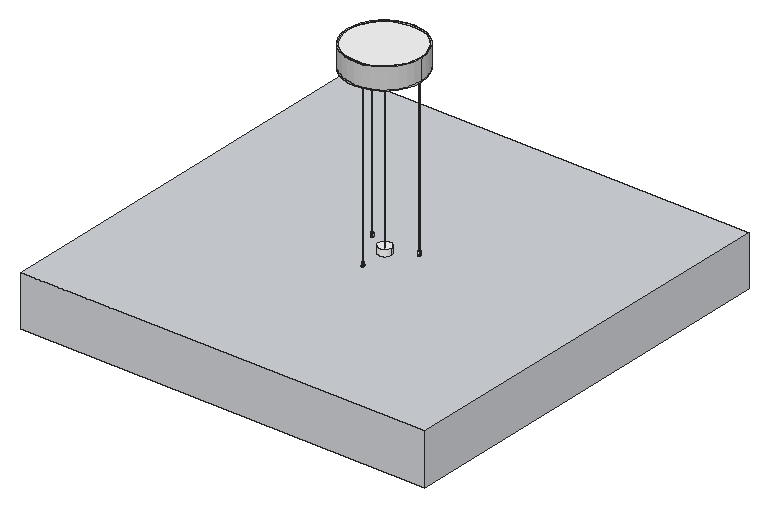
Revit family "en-halla-huge-circle-suspendedrfa", category Осветительные приборы, Revit 2017
Family settings
  Основа = Грань
  Размер круглого соединителя = Использовать диаметр
  Тип детали = Нормальный
  Номер OmniClass = 23.80.70.11.11
  Заголовок OmniClass = General Luminaries, Non Directional
  При загрузке вырезать с полостями = Нет
  Источник света = Нет
  Общий = Нет
  Точка расчета площади = Нет
Parameters
  Suspension length [instance] = 1000 mm
  Shape thickness = 7 mm  # constant formula
  Полная установленная мощность = Power input  # 84 VA
  Youtube clip = ""
  Weight Net (Kg) = "0"
  Изготовитель = "HALLA"  # constant formula
  Default Elevation = 0 mm
  Voltage = ""
  Uniclass 2.0 Description = "Luminaires And Lamps"
  Uniclass 2.0 Code = "PR-49"
  Uniclass 1.4 Description = "Luminaires and lamps"
  Uniclass 1.4 Code = "JY73"
  URL = "www.halla.cz"
  UNSPSC Code = "3911"
  Technical description = ""
  Switched on [instance] = yes
  Switched off [instance] = not(Switched on)  # no
  Source used = ""
  Source type = ""
  Shape of luminaire = ""
  Region South America = "All"
  Region Oceania = "All"
  Region North America = "All"
  Region Middle East = "All"
  Region Europe = "All"
  Region Asia = "All"
  Region Antarctica = "All"
  Region Africa = "All"
  QR code = "http://file-system.ru/catalog/zdaniya_i_sooruzheniya/interer/osveshchenie/halla_huge_circle_svetilnik_podvesnoy/"
  Accessory [instance] = HALLA accessory - wire suspension 3 wires, for cable 2000mm : Circular - 13-0004 white
  Lighting diameter = Lighting length  # 450 mm
  Diameter of diffuser = Lighting diameter - 2 * Shape thickness  # 436 mm
  Protection class = ""
  Product group = "HUGE"
  Product family = "Indoor Luminaires"
  Product data url = ""
  Product code = ""
  Product certification = ""
  Product URL = ""
  Product SKU = "huge_circle"
  Price (EUR) = 0
  Power input = 84 W
  Description = ""
  Optics type = ""
  Suspension distance from axis = Lighting diameter / 2 - 60 mm  # 165 mm
  Number of sources = 1
  Nominal width = "0.00"
  Nominal height = "129.00"
  NBS Reference Description = "Luminaires And Lamps"
  NBS Reference Code = "49"
  Material secondary = ""
  Material of luminaire = "Hliník"
  Material main = "Aluminium"
  Manufacturer name = "HALLA"
  Manufacturer country = "Czech Republic"
  Lighting width = 450 mm
  Lighting source distance [instance] = Real suspension length + Lighting height + 0.1 mm  # 1129.1 mm
  Lighting length = 450 mm
  Lighting height = 129 mm
  Lighting dimensions = ""
  LED source = yes
  Installation instructions = ""
  Installation instruction = ""
  Initial intensity = ""
  Initial colour = ""
  IP Code = ""
  IFC Classification = "Light Fixture"
  Frequency = ""
  Energy class = ""
  Electric potential = 230 V  # constant formula
  Код по классификатору = "D5020200"
  Edition number = "1"
  EAN code = ""
  EAN = ""
  Real suspension length [instance] = if(Suspension length > 2000 mm, 2000 mm, Suspension length)  # 1000 mm
  Distribution = ""
  Designer = ""
  Design country = "Czech Republic"
  Depth = "0.00"
  Date of publishing = "2014-12-14"
  Data sheet = ""
  Control gear option = ""
  Colour of luminaire = Aluminium - silver
  COBIe Type Category = ""
Reference planes
  plane 1 "Střed (vpředu/vzadu)": y = 0
  plane 2: z = 0
  plane 3 "Střed (vlevo/vpravo)": x = 0
  plane 4 "BP_Světlo spodní": z = 1000
  plane 5 "BP_Světlo horní": z = 1129
  plane 6 "BP_Zdroj světla": z = 1064.5
Forms (mm)
  Extrusion 1, solid
    sketch origin (0, 0, 0) x (1, 0, 0) y (0, 1, 0)
      loop
        line (-1219.2, 1219.2) -> (-1219.2, -1219.2) -> (1219.2, -1219.2) -> (1219.2, 1219.2) -> (-1219.2, 1219.2)
    from 0 to -304.8
  Extrusion 2, solid, material "Aluminium - silver" <- "Colour of luminaire"
    sketch origin (0, 0, 1000) x (-1, 0, 0) y (0, -1, 0)
      loop
        circle (0, 0) r 225
    from 0 to 7
  Extrusion 3, solid, material "Aluminium - silver" <- "Colour of luminaire"
    sketch origin (0, 0, 1000) x (-1, 0, 0) y (0, -1, 0)
      loop
        circle (0, 0) r 225
      loop
        circle (0, 0) r 218
    from 7 to 129 <- "Lighting height"
  Extrusion 4, solid, material "Diffuser - light switched on", visible <- "Switched off"
    sketch origin (0, 0, 1000) x (-1, 0, 0) y (0, -1, 0)
      loop
        circle (0, 0) r 218
    from 120 to 129
  Extrusion 5, solid, material "Diffuser - light switched off", visible <- "Switched on"
    sketch origin (0, 0, 1000) x (-1, 0, 0) y (0, -1, 0)
      loop
        circle (0, 0) r 218
    from 120 to 129
Cuts and joins
  joined: Extrusion 2, Extrusion 3
Dimensions and locks
  equal spacing: plane 5 "BP_Světlo horní", plane 6 "BP_Zdroj světla", plane 4 "BP_Světlo spodní"
  "Real suspension length": plane 4 "BP_Světlo spodní" to Extrusion 1
  "Lighting height": plane 5 "BP_Světlo horní" to plane 4 "BP_Světlo spodní"
  "Lighting diameter": diameter of Extrusion 2 sketch curve
  "Lighting diameter": diameter of Extrusion 3 sketch curve
  "Diameter of diffuser": diameter of Extrusion 4 sketch curve
  "Diameter of diffuser": diameter of Extrusion 5 sketch curve
  aligned and locked: plane 2 to Extrusion 1
  aligned and locked: level to Extrusion 1
Automatic sketch dimensions
  Extrusion 1 sketch curve to Extrusion 1 sketch curve = 2438.4 mm  (x2)
  plane 1 "Střed (vpředu/vzadu)" to Extrusion 2 sketch curve = 0 mm
  Extrusion 2 sketch curve to plane 3 "Střed (vlevo/vpravo)" = 0 mm
  Extrusion 3 sketch curve to Extrusion 3 sketch curve = 0 mm  (x2)
  plane 1 "Střed (vpředu/vzadu)" to Extrusion 3 sketch curve = 0 mm
  Extrusion 3 sketch curve to plane 3 "Střed (vlevo/vpravo)" = 0 mm
  Extrusion 3 sketch curve to Extrusion 3 sketch curve = 7 mm
  plane 1 "Střed (vpředu/vzadu)" to Extrusion 4 sketch curve = 0 mm
  Extrusion 4 sketch curve to plane 3 "Střed (vlevo/vpravo)" = 0 mm
  plane 1 "Střed (vpředu/vzadu)" to Extrusion 5 sketch curve = 0 mm
  Extrusion 5 sketch curve to plane 3 "Střed (vlevo/vpravo)" = 0 mm
Nested families
  nested 1: "HUGE - source" at (0, 0, 1129.1), built-in parameter 1001364 <- "Lighting source distance", type "HUGE - source"
  nested 2: "HALLA accessory - wire suspension 3 wires, for cable 2000mm" at (0, 3.946, 0), Délka zavěšení <- "Real suspension length", Odsazení zavěšení od osy <- "Suspension distance from axis", type <- "Accessory", type "Circular - 13-0004 white"
    with Odsazení zavěšení od osy 165 mm, Délka zavěšení 1000 mm
Connectors
  electrical at (0, 3.946, 0), driven by "Electric potential", driven by "Полная установленная мощность"
    settings: on nested 2, index 1, voltage 230 V, apparent load 84 VA, apparent load phase1 0 VA, apparent load phase2 0 VA, apparent load phase3 0 VA, power factor 1, load classification "Osvětlení", number of poles 1, system type 30, power factor state 0, is connector primary yes, connector utility no, sub classification motor no, connector description ""
Definition of nested family "HALLA accessory - wire suspension 3 wires, for cable 2000mm"
  Parameters
    Manufacturer = "HALLA"  # constant formula
    Default Elevation = 500 mm
    URL = "http.//www.halla.cz"
    Description = "Příslušenství ke svítidlům HALLA"
    Odsazení zavěšení od osy [instance] = 500 mm
    Model = "Lankový závěs 3 lanka, určen pro přív. vodič 2000mm"
    Assembly Code = "D5020200"
    Keynote = ""
    Délka zavěšení [instance] = 500 mm
    Barva svítidla = none
  Reference planes
    plane 1 "Střed (vpředu/vzadu)": y = 0
    plane 2: z = 0
    plane 3 "Střed (vlevo/vpravo)": x = 0
    plane 4 "Horní": z = 500
  Forms (mm)
    Revolve 1, solid, material <- "Barva svítidla"
      sketch origin (0, 0, 0) x (0, -1, 0) y (0, 0, 1)
        loop
          line (500, 19.35) -> (494.015, 19.35) -> (494.015, 1.35) -> (492.108, 1.35) -> (492.108, 0) -> (500, 0) -> (500, 19.35)
        axis (500, 0) -> (500, 19.35)
      angle from 0 to 360
    Extrusion 2, solid
      sketch origin (0, 0, 0) x (0, -1, 0) y (1, 0, 0)
        loop
          circle (500, 0) r 1.018
      from 0 to 500 <- "Délka zavěšení"
    Revolve 3, solid, not visible
      sketch origin (0, 0, 0) x (0, 1, 0) y (0, 0, 1)
        loop
          line (-600, 19.35) -> (-600, 0) -> (-592.108, 0) -> (-592.108, 1.35) -> (-594.015, 1.35) -> (-594.015, 19.35) -> (-600, 19.35)
        axis (-600, 0) -> (-600, 19.35)
      angle from 0 to 360
    Revolve 4, solid, not visible
      sketch origin (0, 0, 0) x (0, 1, 0) y (0, 0, 1)
        loop
          line (-600, 600) -> (-600, 568.8) -> (-598, 568.8) -> (-598, 575.5) -> (-595.494, 575.5) -> (-595.494, 600) -> (-600, 600)
        axis (-600, 568.8) -> (-600, 600)
      angle from 0 to 360
    Extrusion 5, solid, not visible
      sketch origin (0, 0, 0) x (1, 0, 0) y (0, 1, 0)
        loop
          circle (0, -600) r 1.018
      from 0 to 500 <- "Délka zavěšení"
    Extrusion 6, solid, material <- "Barva svítidla"
      sketch origin (-150, 150, 0) x (1, 0, 0) y (0, 1, 0)
        loop
          circle (150, -150) r 40
      from 0 to 35
    Extrusion 7, solid
      sketch origin (-150, 150, 0) x (1, 0, 0) y (0, 1, 0)
        loop
          circle (150, -150) r 1.988
      from 0 to 500 <- "Délka zavěšení"
    Extrusion 8, solid
      sketch origin (0, 0, 0) x (0.866025, 0.5, 0) y (-0.5, 0.866025, 0)
        loop
          circle (500, 0) r 1
      from 0 to 500 <- "Délka zavěšení"
    Extrusion 9, solid
      sketch origin (0, 0, 0) x (-0.866025, 0.5, 0) y (-0.5, -0.866025, 0)
        loop
          circle (500, 0) r 1.015
      from 0 to 500 <- "Délka zavěšení"
    Revolve 10, solid, material <- "Barva svítidla"
      sketch origin (0, 0, 0) x (0.866025, 0.5, 0) y (0, 0, 1)
        loop
          line (494.015, 19.35) -> (494.015, 1.35) -> (492.108, 1.35) -> (492.108, 0) -> (500, 0) -> (500, 19.35) -> (494.015, 19.35)
        axis (500, 0) -> (500, 19.35)
      angle from 0 to 360
    Revolve 11, solid, material <- "Barva svítidla"
      sketch origin (0, 0, 0) x (-0.866025, 0.5, 0) y (0, 0, 1)
        loop
          line (500, 0) -> (500, 19.35) -> (494.015, 19.35) -> (494.015, 1.35) -> (492.108, 1.35) -> (492.108, 0) -> (500, 0)
        axis (500, 19.35) -> (500, 0)
      angle from 0 to 360
    Revolve 12, solid, material <- "Barva svítidla"
      sketch origin (0, 0, 500) x (0, -1, 0) y (0, 0, 1)
        loop
          line (500.017, 0) -> (495.512, 0) -> (495.512, -24.5) -> (498.017, -24.5) -> (498.017, -31.2) -> (500.017, -31.2) -> (500.017, 0)
        axis (500.017, -31.2) -> (500.017, 0)
      angle from 0 to 360
    Revolve 13, solid, material <- "Barva svítidla"
      sketch origin (0, 0, 500) x (0.866025, 0.5, 0) y (0, 0, 1)
        loop
          line (500.099, 0) -> (495.46, 0) -> (495.46, -24.5) -> (497.965, -24.5) -> (497.965, -31.2) -> (500.099, -31.2) -> (500.099, 0)
        axis (500.099, -31.2) -> (500.099, 0)
      angle from 0 to 360
    Revolve 14, solid, material <- "Barva svítidla"
      sketch origin (0, 0, 500) x (-0.866025, 0.5, 0) y (0, 0, 1)
        loop
          line (500, 0) -> (495.494, 0) -> (495.494, -24.5) -> (498, -24.5) -> (498, -31.2) -> (500, -31.2) -> (500, 0)
        axis (500, 0) -> (500, -31.2)
      angle from 0 to 360
  Lines and regions (mm)
    reference lines
      curve 1: circle (0, 0, 0) r 500 normal (0, 0, 1)
      curve 2: line (0, 0, 0) -> (0, -500, 0)
      curve 3: line (0, 0, 0) -> (433.013, 250, 0)
      curve 4: line (0, 0, 0) -> (-433.013, 250, 0)
      curve 5: line (0, 0, 500) -> (433.013, 250, 500)
      curve 6: line (0, 0, 500) -> (-433.013, 250, 500)
      curve 7: line (0, 0, 500) -> (0, -500, 500)
      curve 8: circle (0, 0, 500) r 500 normal (0, 0, 1)
  Dimensions and locks
    "Délka zavěšení": plane 4 "Horní" to level
    "Odsazení zavěšení od osy": radius of curve 1
    "Odsazení zavěšení od osy": radius of curve 8
    equal spacing: curve 3, plane 3 "Střed (vlevo/vpravo)", curve 4
    angle curve 3 to curve 4 = 120.00°
    equal spacing: curve 5, curve 6, curve 7
    aligned and locked: level to plane 2
  Automatic sketch dimensions
    Revolve 4 sketch curve to Revolve 4 sketch curve = 4.506 mm
    Revolve 4 sketch curve to Revolve 4 sketch curve = 6.7 mm
    Revolve 3 sketch curve to Revolve 3 sketch curve = 1.906 mm
    Revolve 3 sketch curve to Revolve 3 sketch curve = 18 mm
    Revolve 3 sketch curve to Revolve 3 sketch curve = 5.985 mm
    Revolve 3 sketch curve to Revolve 3 sketch curve = 1.35 mm
    Revolve 3 sketch curve to Revolve 3 sketch curve = 0 mm
    Revolve 3 sketch curve to Revolve 3 sketch curve = 304.8 mm
    Revolve 3 sketch curve to Revolve 3 sketch curve = 2419.05 mm
    Revolve 4 sketch curve to Revolve 4 sketch curve = 2.506 mm
    Revolve 4 sketch curve to Revolve 4 sketch curve = 24.5 mm
    Revolve 4 sketch curve to Revolve 4 sketch curve = 0 mm
    Revolve 4 sketch curve to Revolve 4 sketch curve = 873.6 mm
    Revolve 4 sketch curve to Revolve 4 sketch curve = 1838.4 mm
    curve 2 to Revolve 1 sketch curve = 0 mm
    Revolve 1 sketch curve to curve 2 = 0 mm  (x2)
    Revolve 1 sketch curve to curve 2 = 304.8 mm
    curve 2 to Revolve 1 sketch curve = 19.35 mm
    curve 2 to Revolve 1 sketch curve = 2138.4 mm
    Revolve 1 sketch curve to curve 2 = 1.35 mm
    Revolve 1 sketch curve to curve 2 = 5.985 mm
    Revolve 1 sketch curve to Revolve 1 sketch curve = 1.906 mm
    Extrusion 2 sketch curve to curve 2 = 0 mm  (x2)
    plane 1 "Střed (vpředu/vzadu)" to Extrusion 7 sketch curve = 0 mm
    Extrusion 7 sketch curve to plane 3 "Střed (vlevo/vpravo)" = 0 mm
    curve 3 to Extrusion 8 sketch curve = 0 mm
    Extrusion 8 sketch curve to curve 3 = 0 mm
    Extrusion 9 sketch curve to curve 4 = 0 mm  (x2)
    plane 1 "Střed (vpředu/vzadu)" to Extrusion 6 sketch curve = 0 mm
    Extrusion 6 sketch curve to plane 3 "Střed (vlevo/vpravo)" = 0 mm
    curve 3 to Revolve 10 sketch curve = 0 mm
    Revolve 10 sketch curve to curve 3 = 0 mm  (x2)
    curve 3 to Revolve 10 sketch curve = 19.35 mm  (x2)
    curve 3 to Revolve 10 sketch curve = 31.149 mm
    Revolve 10 sketch curve to Revolve 10 sketch curve = 5.985 mm
    Revolve 10 sketch curve to Revolve 10 sketch curve = 1.906 mm
    Revolve 10 sketch curve to curve 3 = 1.35 mm
    Revolve 11 sketch curve to curve 4 = 0 mm  (x3)
    curve 4 to Revolve 11 sketch curve = 19.35 mm
    curve 4 to Revolve 11 sketch curve = 461.641 mm
    curve 4 to Revolve 11 sketch curve = 468.8 mm
    Revolve 11 sketch curve to Revolve 11 sketch curve = 5.985 mm
    Revolve 11 sketch curve to Revolve 11 sketch curve = 1.906 mm
    Revolve 11 sketch curve to curve 4 = 1.35 mm
    curve 7 to Revolve 12 sketch curve = 0 mm  (x2)
    Revolve 12 sketch curve to curve 7 = 4.488 mm
    Revolve 12 sketch curve to curve 7 = 1.983 mm
    curve 7 to Revolve 12 sketch curve = 0.017 mm
    Revolve 12 sketch curve to curve 7 = 24.5 mm
    Revolve 12 sketch curve to curve 7 = 31.2 mm
    Revolve 12 sketch curve to Revolve 12 sketch curve = 0 mm
    curve 7 to Revolve 12 sketch curve = 10 mm
    curve 5 to Revolve 13 sketch curve = 0 mm  (x2)
    Revolve 13 sketch curve to curve 5 = 4.54 mm
    Revolve 13 sketch curve to curve 5 = 2.035 mm
    curve 5 to Revolve 13 sketch curve = 0.099 mm
    Revolve 13 sketch curve to curve 5 = 24.5 mm
    Revolve 13 sketch curve to curve 5 = 31.2 mm
    Revolve 13 sketch curve to Revolve 13 sketch curve = 0 mm
    curve 5 to Revolve 13 sketch curve = 8.737 mm
    Revolve 14 sketch curve to curve 6 = 0 mm  (x3)
    Revolve 14 sketch curve to curve 6 = 32.154 mm
    Revolve 14 sketch curve to curve 6 = 31.2 mm  (x2)
    Revolve 14 sketch curve to curve 6 = 2 mm
    Revolve 14 sketch curve to curve 6 = 4.506 mm
    Revolve 14 sketch curve to curve 6 = 24.5 mm
    curve 2 to plane 3 "Střed (vlevo/vpravo)" = 0 mm
    plane 1 "Střed (vpředu/vzadu)" to curve 1 = 0 mm
    curve 1 to plane 3 "Střed (vlevo/vpravo)" = 0 mm
    plane 1 "Střed (vpředu/vzadu)" to curve 2 = 0 mm
    plane 1 "Střed (vpředu/vzadu)" to curve 6 = 0 mm
    curve 6 to plane 3 "Střed (vlevo/vpravo)" = 0 mm
    plane 1 "Střed (vpředu/vzadu)" to curve 8 = 0 mm
    curve 8 to plane 3 "Střed (vlevo/vpravo)" = 0 mm
    radius of Extrusion 5 sketch curve = 1.018 mm
    radius of Extrusion 2 sketch curve = 1.018 mm
    radius of Extrusion 7 sketch curve = 1.988 mm
    radius of Extrusion 8 sketch curve = 1 mm
    radius of Extrusion 9 sketch curve = 1.015 mm
    radius of Extrusion 6 sketch curve = 40 mm
Definition of nested family "HUGE - source"
  Parameters
    built-in parameter 1150104 = 13.8 (stored number, unit not read)
    Tilt Angle = -90.00°
    built-in parameter 1150112 = 1 (stored number, unit not read)
    built-in parameter 1114218 = 1 (stored number, unit not read)
    built-in parameter 1150109 = 1 (stored number, unit not read)
    built-in parameter 1150110 = 1 (stored number, unit not read)
    built-in parameter 1150133 = 10 (stored number, unit not read)
    built-in parameter 1150134 = 12
    Lumens = 1240 lm
    Photometric Web File = "HUGE 14-270K-4E4FE.ies"
    Wattage = 8.34781 W
    built-in parameter 1150107 = 4000 (stored number, unit not read)
    built-in parameter 1150102 = (empty or 0)
    built-in parameter 1150138 = (empty or 0)
    Dimming Lamp Color Temperature Shift = (empty or 0)
    built-in parameter 1150114 = 1 (stored number, unit not read)
    built-in parameter 1150115 = 1 (stored number, unit not read)
    built-in parameter 1150106 = 2.8264 (stored number, unit not read)
    built-in parameter 1150137 = (empty or 0)
    built-in parameter 1150132 = 2
    built-in parameter 1150105 = 282.64 (stored number, unit not read)
    built-in parameter 1150139 = (empty or 0)
    built-in parameter 1150113 = 1 (stored number, unit not read)
    Emit from Circle Diameter = 609.6 mm
    Emit Shape Visible in Rendering = no
    built-in parameter 1114217 = 1 (stored number, unit not read)
    Color Filter = 16777215
  Reference planes
    plane 1 "Střed (vpředu/vzadu)": y = 0
    plane 2: z = 0
    plane 3 "Střed (vlevo/vpravo)": x = 0
  Lines and regions (mm)
    model lines, not visible
      curve 1: line (0, 0, 0) -> (0, 540, 0)
      curve 2: line (0, 0, 0) -> (420, 0, 0)
  Dimensions and locks
    aligned and locked: level to plane 2
